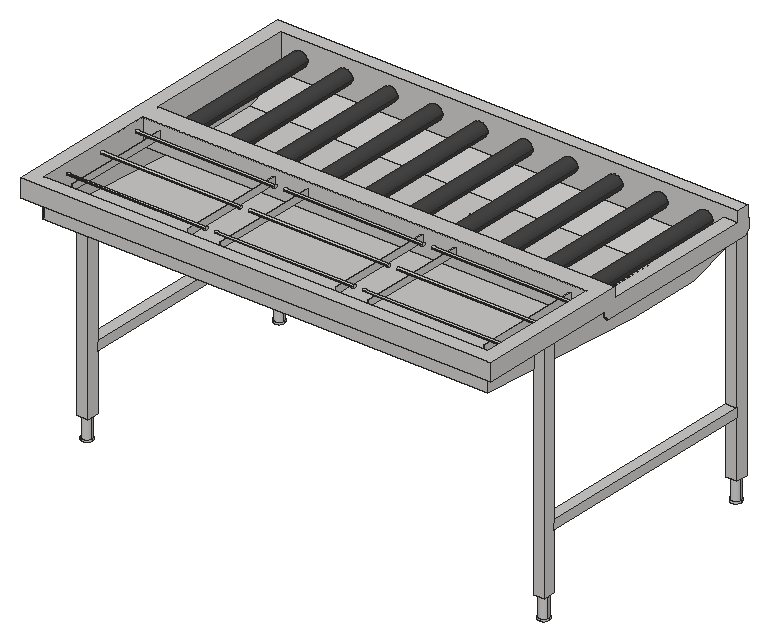
Revit family "QF_ELECTROLUXPROFESSIONAL_865204_HSMSS3LR", category Specialty Equipment, Revit 2018
Family settings
  Round Connector Dimension = Use Diameter
  Part Type = Normal
  Work Plane-Based = No
  Always vertical = Yes
  Cut with Voids When Loaded = No
  Shared = No
  Room Calculation Point = No
Parameters
  Weight = 0.00 kg
  Watts = 0 W
  Volts = 0 V
  URL Manufacturer = ""
  Steam Supply Size = 0 mm
  Steam Supply Minimum Pressure = 0.0 Pa
  Steam Supply Maximum Pressure = 0.0 Pa
  Steam Pounds per Hour = 0
  Refrigeration Suction Line Size = 0 mm
  Refrigeration Liquid Line Size = 0 mm
  Refrigerant Compressor Remote = yes
  Phase = 0
  Length Actual = 0 mm
  Item Number = ""
  Hot Water Size = 0 mm
  Height Actual = 0 mm
  HP = ""
  Gas Size = 0 mm
  Gas KW = 0
  Gas Input Pressure = 0 W
  Depth Actual = 0 mm
  Cycle = 0 Hz
  Condensate Return Size = 0 mm
  Compressed Air Volume = 0.0 L/s
  Compressed Air Size = 0 mm
  Compressed Air Pressure = 0.0 Pa
  Cold Water Size = 0 mm
  Accessory = yes
Reference planes
  plane 1: z = 0
  plane 2 "RIGHT": x = 300
  plane 3: z = 910
  plane 4: z = 0
  plane 5: z = 300
  plane 6 "BACK": y = 310
  plane 7 "FRONT": y = -800
  plane 8 "LEFT": x = -1320
  plane 9 "Center": y = 0
Forms (mm)
  Extrusion 1, solid, material "QF_Finishes_Stainless Steel"
    sketch origin (0, 0, 0) x (-1, 0, 0) y (0, -1, 0)
      loop
        line (1320, 800) -> (-300, 800) -> (-300, 265) -> (-255, 265) -> (-255, 755) -> (1275, 755) -> (1275, -265) -> (-300, -265) -> (-300, -310) -> (1320, -310) -> (1320, 800)
    from 850.091 to 910
  Extrusion 2, solid, material "QF_Finishes_Stainless Steel"
    sketch origin (0, 0, 0) x (0, 1, 0) y (0, 0, -1)
      loop
        line (-756.248, -850.091) -> (-755, -850.091) -> (-755, -784.848) -> (-131.111, -741.138) -> (130.374, -741.138) -> (265, -784.879) -> (265, -850.091) -> (266.249, -850.091) -> (266.249, -782.13) -> (130.849, -738.138) -> (-131.216, -738.138) -> (-756.248, -781.928) -> (-756.248, -850.091)
    from -255 to 1275
  Revolve 3, solid, material "QF_Finishes_Stainless Steel"
    sketch origin (-510, 0.526, -123.199) x (-1, 0, 0) y (0, 0, -1)
      loop
        line (76.494, -861.337) -> (76.494, -847.59)
        arc (76.494, -847.59) -> (75.89, -845.987) -> (74.39, -845.16) r 2.474
        arc (74.39, -845.16) -> (71.083, -841.301) -> (74.377, -837.43) r 3.913
        arc (74.377, -837.43) -> (75.887, -836.598) -> (76.494, -834.985) r 2.49
        line (76.494, -834.985) -> (76.494, -794.661)
        arc (76.494, -794.661) -> (65.844, -763.962) -> (38.457, -746.476) r 49.516
        line (38.457, -746.476) -> (38.457, -743.987) -> (37.25, -742.336) -> (37.25, -740.749) -> (23.47, -734.749) -> (23.47, -698.838) -> (21.946, -697.377) -> (0, -697.377) -> (0, -861.337) -> (76.494, -861.337)
      axis (0, -861.337) -> (0, -697.377)
    angle from 0 to 360
  Extrusion 4, solid, material "QF_Finishes_Stainless Steel"
    sketch origin (0, 0, 0) x (-1, 0, 0) y (0, -1, 0)
      loop
        line (-255, 330.124) -> (-255, 265) -> (1275, 265) -> (1275, 330.124) -> (-255, 330.124)
    from 820 to 910
  Extrusion 5, solid, material "QF_Finishes_Stainless Steel"
    sketch origin (6.015, 0, -602.691) x (-1, 0, 0) y (0, -1, 0)
      loop
        line (1283.015, -266.249) -> (1323.015, -266.249) -> (1323.015, 521.738) -> (1283.015, 521.738) -> (1283.015, -266.249)
    from 872.691 to 902.691
  Extrusion 6, solid, material "QF_Finishes_Stainless Steel"
    sketch origin (-1277, 0, 0) x (0, 1, 0) y (0, 0, -1)
      loop
        line (-756.248, -781.928) -> (-756.248, -850.091) -> (266.249, -850.091) -> (266.249, -782.13) -> (130.849, -738.138) -> (-131.216, -738.138) -> (-756.248, -781.928)
    from 0 to -2
  Extrusion 7, solid, material "QF_Finishes_Stainless Steel"
    sketch origin (257, 0, 0) x (0, 1, 0) y (0, 0, 1)
      loop
        line (-756.248, 850.091) -> (-756.248, 781.928) -> (-131.216, 738.138) -> (130.849, 738.138) -> (266.249, 782.13) -> (266.249, 850.091) -> (265, 850.091) -> (265, 875) -> (-265, 875) -> (-265, 850.091) -> (-756.248, 850.091)
    from 0 to -2
  Extrusion 8, solid, material "QF_Finishes_Stainless Steel"
    sketch origin (-1026, 0.054, -598.981) x (1, 0, 0) y (0, 1, 0)
      loop
        line (1283, 266.195) -> (1283, -521.792) -> (1323, -521.792) -> (1323, 266.195) -> (1283, 266.195)
    from 869.081 to 898.981
  Extrusion 9, solid, material "QF_Finishes_Black"
    sketch origin (0, -2.5, 0) x (-1, 0, 0) y (0, 0, 1)
      loop
        circle (1207.529, 850.047) r 25
      loop
        circle (1052.523, 850.047) r 25
      loop
        circle (897.516, 850.047) r 25
      loop
        circle (742.51, 850.047) r 25
      loop
        circle (587.503, 850.047) r 25
      loop
        circle (432.497, 850.047) r 25
      loop
        circle (277.49, 850.047) r 25
      loop
        circle (122.484, 850.047) r 25
      loop
        circle (-32.523, 850.047) r 25
      loop
        circle (-187.529, 850.047) r 25
    from -262.5 to 267.5
  Extrusion 10, solid, material "QF_Finishes_Stainless Steel"
    sketch origin (0, -7.263, 2.863) x (-1, 0, 0) y (0, -1, 0)
      loop
        line (-200.029, 694.438) -> (-200.029, 322.861) -> (-196.981, 322.861) -> (-196.981, 694.438) -> (-200.029, 694.438)
      loop
        line (196.981, 694.438) -> (196.981, 322.861) -> (200.029, 322.861) -> (200.029, 694.438) -> (196.981, 694.438)
      loop
        line (1220.049, 694.438) -> (1217.001, 694.438) -> (1217.001, 322.861) -> (1220.049, 322.861) -> (1220.049, 694.438)
      loop
        line (823.039, 694.438) -> (819.991, 694.438) -> (819.991, 322.861) -> (823.039, 322.861) -> (823.039, 694.438)
      loop
        line (710.007, 694.438) -> (707.023, 694.438) -> (707.023, 322.861) -> (710.007, 322.861) -> (710.007, 694.438)
      loop
        line (312.997, 694.438) -> (310.013, 694.438) -> (310.013, 322.861) -> (312.997, 322.861) -> (312.997, 694.438)
    from 860 to 881.896
  Extrusion 11, solid, material "QF_Finishes_Stainless Steel"
    sketch origin (-2327.512, 265, 0) x (0, 1, 0) y (0, 0, 1)
      loop
        circle (-937.158, 888.745) r 3.985
      loop
        circle (-788.819, 888.745) r 3.985
      loop
        circle (-640.48, 888.745) r 3.985
    from 1067.5 to 1547.5
  Extrusion 12, solid, material "QF_Finishes_Stainless Steel"
    sketch origin (-1817.533, 265, 0) x (0, 1, 0) y (0, 0, 1)
      loop
        circle (-937.158, 888.745) r 3.985
      loop
        circle (-788.819, 888.745) r 3.985
      loop
        circle (-640.48, 888.745) r 3.985
    from 1067.5 to 1547.5
  Extrusion 13, solid, material "QF_Finishes_Stainless Steel"
    sketch origin (-1307.491, 265, 0) x (0, 1, 0) y (0, 0, 1)
      loop
        circle (-937.158, 888.745) r 3.985
      loop
        circle (-788.819, 888.745) r 3.985
      loop
        circle (-640.48, 888.745) r 3.985
    from 1067.5 to 1547.5
  Extrusion 14, solid, material "QF_Finishes_Stainless Steel"
    sketch origin (747.022, 52.5, 0) x (0, 1, 0) y (0, 0, 1)
      loop
        line (-362.5, 835) -> (-347.5, 820) -> (242.5, 820) -> (257.5, 835) -> (257.5, 850.091) -> (212.5, 850.091) -> (212.5, 875) -> (-317.5, 875) -> (-317.5, 850.091) -> (-362.5, 850.091) -> (-362.5, 835)
    from -450 to -447.022
  Extrusion 15, solid, material "QF_Finishes_Stainless Steel"
    sketch origin (-2300, 265, 0) x (1, 0, 0) y (0, 0, 1)
      loop
        line (2597.022, 875) -> (2557, 875) -> (2557, 872) -> (2597.022, 872) -> (2597.022, 875)
    from 0 to 530
Cuts and joins
  joined: Extrusion 1, Extrusion 2, Revolve 3, Extrusion 4, Extrusion 6, Extrusion 7, Extrusion 10, Extrusion 11, Extrusion 12, Extrusion 13, Extrusion 14, Extrusion 15
Lines and regions (mm)
  Split face 1
    outline origin (-386.315, -0.079, 741.138) x (-1, 0, 0) y (0, -1, 0)
      loop
        circle (123.685, -0.035) r 73.783
  Split face 2
    outline origin (-386.315, -0.079, 741.138) x (-1, 0, 0) y (0, -1, 0)
      loop
        circle (123.685, -0.035) r 66.01
  Split face 3
    outline origin (-386.315, -0.079, 741.138) x (-1, 0, 0) y (0, -1, 0)
      loop
        circle (123.685, -0.035) r 53.774
  Split face 4
    outline origin (-386.315, -0.079, 741.138) x (-1, 0, 0) y (0, -1, 0)
      loop
        circle (123.685, -0.035) r 50.771
  Split face 5
    outline origin (-386.315, -0.079, 741.138) x (-1, 0, 0) y (0, -1, 0)
      loop
        circle (123.685, -0.035) r 33.793
  Split face 6
    outline origin (-386.315, -0.079, 741.138) x (-1, 0, 0) y (0, -1, 0)
      loop
        circle (123.685, -0.035) r 30.826
  Split face 7
    outline origin (-386.315, -0.079, 741.138) x (-1, 0, 0) y (0, -1, 0)
      loop
        circle (123.685, -0.035) r 13.843
  Split face 8
    outline origin (-386.315, -0.079, 741.138) x (-1, 0, 0) y (0, -1, 0)
      loop
        circle (123.685, -0.035) r 10.833
  symbolic lines
    curve 1: line (-1320, 310, 0) -> (300, 310, 0)
    curve 2: line (-1320, -800, 0) -> (-1320, 310, 0)
    curve 3: line (300, -800, 0) -> (-1320, -800, 0)
    curve 4: line (300, 310, 0) -> (300, -800, 0)
    curve 5: line (-1275, 265, 0) -> (300, 265, 0)
    curve 6: line (-1275, -755, 0) -> (-1275, 265, 0)
    curve 7: line (255, -755, 0) -> (-1275, -755, 0)
    curve 8: line (-1275, -265, 0) -> (300, -265, 0)
    curve 9: line (255, -330.124, 0) -> (-1275, -330.124, 0)
    curve 10: line (-1260.012, -371.495, 0) -> (-1260.012, -379.465, 0)
    curve 11: line (-1260.012, -379.465, 0) -> (-780.012, -379.465, 0)
    curve 12: line (-780.012, -379.465, 0) -> (-780.012, -371.495, 0)
    curve 13: line (-780.012, -371.495, 0) -> (-1260.012, -371.495, 0)
    curve 14: line (-1260.012, -519.834, 0) -> (-1260.012, -527.804, 0)
    curve 15: line (-1260.012, -527.804, 0) -> (-780.012, -527.804, 0)
    curve 16: line (-780.012, -527.804, 0) -> (-780.012, -519.834, 0)
    curve 17: line (-780.012, -519.834, 0) -> (-1260.012, -519.834, 0)
    curve 18: line (-1260.012, -668.173, 0) -> (-1260.012, -676.143, 0)
    curve 19: line (-1260.012, -676.143, 0) -> (-780.012, -676.143, 0)
    curve 20: line (-780.012, -676.143, 0) -> (-780.012, -668.173, 0)
    curve 21: line (-780.012, -668.173, 0) -> (-1260.012, -668.173, 0)
    curve 22: line (-1220.049, -330.124, 0) -> (-1220.049, -371.495, 0)
    curve 23: line (-1217.001, -330.124, 0) -> (-1217.001, -371.495, 0)
    curve 24: line (-1220.049, -379.465, 0) -> (-1220.049, -519.834, 0)
    curve 25: line (-1220.049, -701.7, 0) -> (-1220.049, -676.143, 0)
    curve 26: line (-1220.049, -701.7, 0) -> (-1217.001, -701.7, 0)
    curve 27: line (-1217.001, -701.7, 0) -> (-1217.001, -676.143, 0)
    curve 28: line (-1220.049, -668.173, 0) -> (-1220.049, -527.804, 0)
    curve 29: line (-1217.001, -527.804, 0) -> (-1217.001, -668.173, 0)
    curve 30: line (-1217.001, -519.834, 0) -> (-1217.001, -379.465, 0)
    curve 31: line (-823.039, -330.124, 0) -> (-823.039, -371.495, 0)
    curve 32: line (-819.992, -330.124, 0) -> (-819.992, -371.495, 0)
    curve 33: line (-823.039, -379.465, 0) -> (-823.039, -519.834, 0)
    curve 34: line (-823.039, -701.7, 0) -> (-823.039, -676.143, 0)
    curve 35: line (-823.039, -701.7, 0) -> (-819.992, -701.7, 0)
    curve 36: line (-819.992, -701.7, 0) -> (-819.992, -676.143, 0)
    curve 37: line (-823.039, -668.173, 0) -> (-823.039, -527.804, 0)
    curve 38: line (-819.992, -527.804, 0) -> (-819.992, -668.173, 0)
    curve 39: line (-819.992, -519.834, 0) -> (-819.992, -379.465, 0)
    curve 40: line (-750.033, -371.495, 0) -> (-750.033, -379.465, 0)
    curve 41: line (-750.033, -379.465, 0) -> (-270.033, -379.465, 0)
    curve 42: line (-270.033, -379.465, 0) -> (-270.033, -371.495, 0)
    curve 43: line (-270.033, -371.495, 0) -> (-750.033, -371.495, 0)
    curve 44: line (-750.033, -519.834, 0) -> (-750.033, -527.804, 0)
    curve 45: line (-750.033, -527.804, 0) -> (-270.033, -527.804, 0)
    curve 46: line (-270.033, -527.804, 0) -> (-270.033, -519.834, 0)
    curve 47: line (-270.033, -519.834, 0) -> (-750.033, -519.834, 0)
    curve 48: line (-750.033, -668.173, 0) -> (-750.033, -676.143, 0)
    curve 49: line (-750.033, -676.143, 0) -> (-270.033, -676.143, 0)
    curve 50: line (-270.033, -676.143, 0) -> (-270.033, -668.173, 0)
    curve 51: line (-270.033, -668.173, 0) -> (-750.033, -668.173, 0)
    curve 52: line (-710.071, -330.124, 0) -> (-710.071, -371.495, 0)
    curve 53: line (-707.023, -330.124, 0) -> (-707.023, -371.495, 0)
    curve 54: line (-710.071, -379.465, 0) -> (-710.071, -519.834, 0)
    curve 55: line (-710.071, -701.7, 0) -> (-710.071, -676.143, 0)
    curve 56: line (-710.071, -701.7, 0) -> (-707.023, -701.7, 0)
    curve 57: line (-707.023, -701.7, 0) -> (-707.023, -676.143, 0)
    curve 58: line (-710.071, -668.173, 0) -> (-710.071, -527.804, 0)
    curve 59: line (-707.023, -527.804, 0) -> (-707.023, -668.173, 0)
    curve 60: line (-707.023, -519.834, 0) -> (-707.023, -379.465, 0)
    curve 61: line (-313.061, -330.124, 0) -> (-313.061, -371.495, 0)
    curve 62: line (-310.013, -330.124, 0) -> (-310.013, -371.495, 0)
    curve 63: line (-313.061, -379.465, 0) -> (-313.061, -519.834, 0)
    curve 64: line (-313.061, -701.7, 0) -> (-313.061, -676.143, 0)
    curve 65: line (-313.061, -701.7, 0) -> (-310.013, -701.7, 0)
    curve 66: line (-310.013, -701.7, 0) -> (-310.013, -676.143, 0)
    curve 67: line (-313.061, -668.173, 0) -> (-313.061, -527.804, 0)
    curve 68: line (-310.013, -527.804, 0) -> (-310.013, -668.173, 0)
    curve 69: line (-310.013, -519.834, 0) -> (-310.013, -379.465, 0)
    curve 70: line (-239.991, -371.495, 0) -> (-239.991, -379.465, 0)
    curve 71: line (-239.991, -379.465, 0) -> (240.009, -379.465, 0)
    curve 72: line (240.009, -379.465, 0) -> (240.009, -371.495, 0)
    curve 73: line (240.009, -371.495, 0) -> (-239.991, -371.495, 0)
    curve 74: line (-239.991, -519.834, 0) -> (-239.991, -527.804, 0)
    curve 75: line (-239.991, -527.804, 0) -> (240.009, -527.804, 0)
    curve 76: line (240.009, -527.804, 0) -> (240.009, -519.834, 0)
    curve 77: line (240.009, -519.834, 0) -> (-239.991, -519.834, 0)
    curve 78: line (-239.991, -668.173, 0) -> (-239.991, -676.143, 0)
    curve 79: line (-239.991, -676.143, 0) -> (240.009, -676.143, 0)
    curve 80: line (240.009, -676.143, 0) -> (240.009, -668.173, 0)
    curve 81: line (240.009, -668.173, 0) -> (-239.991, -668.173, 0)
    curve 82: line (-200.029, -330.124, 0) -> (-200.029, -371.495, 0)
    curve 83: line (-196.981, -330.124, 0) -> (-196.981, -371.495, 0)
    curve 84: line (-200.029, -379.465, 0) -> (-200.029, -519.834, 0)
    curve 85: line (-200.029, -701.7, 0) -> (-200.029, -676.143, 0)
    curve 86: line (-200.029, -701.7, 0) -> (-196.981, -701.7, 0)
    curve 87: line (-196.981, -701.7, 0) -> (-196.981, -676.143, 0)
    curve 88: line (-200.029, -668.173, 0) -> (-200.029, -527.804, 0)
    curve 89: line (-196.981, -527.804, 0) -> (-196.981, -668.173, 0)
    curve 90: line (-196.981, -519.834, 0) -> (-196.981, -379.465, 0)
    curve 91: line (196.981, -330.124, 0) -> (196.981, -371.495, 0)
    curve 92: line (200.029, -330.124, 0) -> (200.029, -371.495, 0)
    curve 93: line (196.981, -379.465, 0) -> (196.981, -519.834, 0)
    curve 94: line (196.981, -701.7, 0) -> (196.981, -676.143, 0)
    curve 95: line (196.981, -701.7, 0) -> (200.029, -701.7, 0)
    curve 96: line (200.029, -701.7, 0) -> (200.029, -676.143, 0)
    curve 97: line (196.981, -668.173, 0) -> (196.981, -527.804, 0)
    curve 98: line (200.029, -527.804, 0) -> (200.029, -668.173, 0)
    curve 99: line (200.029, -519.834, 0) -> (200.029, -379.465, 0)
    curve 100: line (-1232.529, 265, 0) -> (-1232.529, -265, 0)
    curve 101: line (-1182.529, -265, 0) -> (-1182.529, 265, 0)
    curve 102: line (-1077.523, 265, 0) -> (-1077.523, -265, 0)
    curve 103: line (-1027.523, -265, 0) -> (-1027.523, 265, 0)
    curve 104: line (-922.516, 265, 0) -> (-922.516, -265, 0)
    curve 105: line (-872.516, -265, 0) -> (-872.516, 265, 0)
    curve 106: line (-767.51, 265, 0) -> (-767.51, -265, 0)
    curve 107: line (-717.51, -265, 0) -> (-717.51, 265, 0)
    curve 108: line (-612.503, 265, 0) -> (-612.503, -265, 0)
    curve 109: line (-562.503, -265, 0) -> (-562.503, 265, 0)
    curve 110: line (-457.497, 265, 0) -> (-457.497, -265, 0)
    curve 111: line (-407.497, -265, 0) -> (-407.497, 265, 0)
    curve 112: line (-302.49, 265, 0) -> (-302.49, -265, 0)
    curve 113: line (-252.49, -265, 0) -> (-252.49, 265, 0)
    curve 114: line (-147.484, 265, 0) -> (-147.484, -265, 0)
    curve 115: line (-97.484, -265, 0) -> (-97.484, 265, 0)
    curve 116: line (7.523, 265, 0) -> (7.523, -265, 0)
    curve 117: line (57.523, -265, 0) -> (57.523, 265, 0)
    curve 118: line (162.529, 265, 0) -> (162.529, -265, 0)
    curve 119: line (212.529, -265, 0) -> (212.529, 265, 0)
    curve 120: line (255, -755, 0) -> (255, -330.124, 0)
    curve 121: line (255, 265, 0) -> (255, -265, 0)
    curve 122: line (300, 0, 0) -> (270, 0, 0)
    curve 123: arc (-433.504, 0.526, 0) -> (-510, -75.97, 0) -> (-586.496, 0.526, 0) r 76.496
    curve 124: arc (-586.496, 0.526, 0) -> (-510, 77.021, 0) -> (-433.504, 0.526, 0) r 76.496
    curve 125: arc (-488.054, 0.526, 0) -> (-510, 22.472, 0) -> (-531.946, 0.526, 0) r 21.946
    curve 126: arc (-531.946, 0.526, 0) -> (-510, -21.421, 0) -> (-488.054, 0.526, 0) r 21.946
Dimensions and locks
  plane 3 to level = 910 mm
  plane 8 "LEFT" to plane 2 "RIGHT" = 1620 mm
  aligned and locked: level to plane 1
Nested families
  nested 1: "Foot_40x40" at (-1297, -541.738, 0), type "Foot_40x40"
    with A 850.091 mm
  nested 2: "Foot_40x40" at (-1297, 286.249, 0), type "Foot_40x40"
    with A 850.091 mm
  nested 3: "Foot_40x40" at (277, -541.738, 0) x (-1, 0, 0) z (0, 0, 1), type "Foot_40x40"
    with A 850.091 mm
  nested 4: "Foot_40x40" at (277, 286.249, 0) x (-1, 0, 0) z (0, 0, 1), type "Foot_40x40"
    with A 850.091 mm
Connectors
  piping at (-510, 0.526, 574.178), diameter 30
    settings: on cut or joined group of Extrusion 1, Extrusion 2, Revolve 3, Extrusion 4, Extrusion 6, Extrusion 7, Extrusion 10, Extrusion 11, Extrusion 12, Extrusion 13, Extrusion 14, Extrusion 15, index 1, connector inside diameter 609.6 mm, connector length 0 mm, flow factor 0, pipe flow 0.0 L/s, pressure drop 0.0 Pa, fitting loss kfactor 0, connector angle 0.00°, fixture units 0, engagement length 0 mm, angle of deflection 0.00°, flow configuration 1, flow direction 2, fitting loss method 0, system type 16, joint type 0, gender type 0, connector reference index -1, connector utility 0, adjustable connector no, is connector primary yes, connector description "Drain"
Definition of nested family "Foot_40x40"
  Parameters
    A [instance] = 850 mm
  Reference planes
    plane 1 "Centro (Fronte/Retro)": y = 0
    plane 2: z = 0
    plane 3 "Centro (Sinistra/Destra)": x = 0
    plane 4: z = 850
  Forms (mm)
    Extrusion 1, solid
      sketch origin (0, 0, 0) x (1, 0, 0) y (0, 1, 0)
        loop
          circle (0, 0) r 18
      from 0 to 5
    Extrusion 2, solid
      sketch origin (0, 0, 5) x (1, 0, 0) y (0, 1, 0)
        loop
          circle (0, 0) r 15
      from 0 to 70
    Extrusion 3, solid
      sketch origin (0, 0, 75) x (1, 0, 0) y (0, 1, 0)
        loop
          line (-20, 20) -> (-20, -20) -> (20, -20) -> (20, 20) -> (-20, 20)
      from 0 to 775
  Dimensions and locks
    "A": plane 4 to plane 2
    aligned and locked: level to plane 2
    aligned and locked: plane 4 to Extrusion 3
    aligned and locked: Extrusion 1 to level
  Automatic sketch dimensions
    plane 1 "Centro (Fronte/Retro)" to Extrusion 1 sketch curve = 0 mm
    Extrusion 1 sketch curve to plane 3 "Centro (Sinistra/Destra)" = 0 mm
    Extrusion 3 sketch curve to Extrusion 3 sketch curve = 40 mm  (x2)
    radius of Extrusion 1 sketch curve = 18 mm
    radius of Extrusion 2 sketch curve to Extrusion 1 = 3 mm
